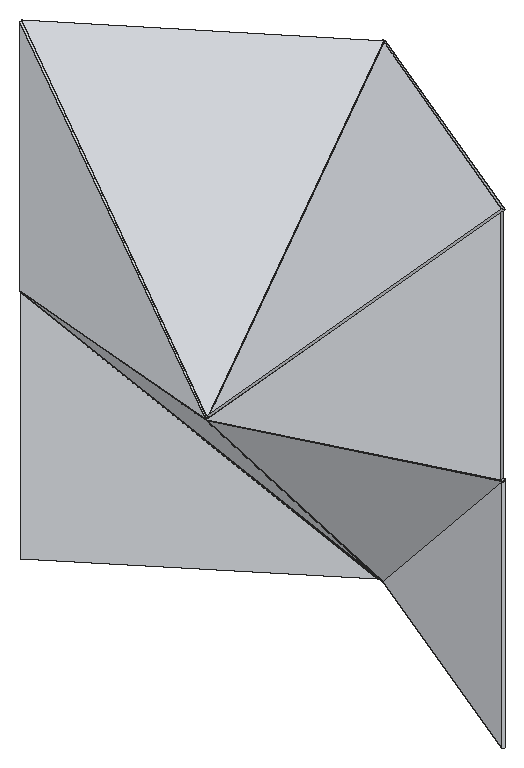
Revit family
Reference planes
  plane 1 "Centro (Fronte/Retro)": y = 0
  plane 2: z = 0
  plane 3 "Centro (Sinistra/Destra)": x = 0
  plane 4 "Sinistra": x = -1500
  plane 5 "Destra": x = 1500
  plane 6 "SUP": z = 3000
  plane 7: z = 1500
Forms (mm)
  Blend 1, void
    base sketch origin (0, 0, 0) x (1, 0, 0) y (0, 1, 0)
      loop
        line (-1500, -893.416) -> (1500, -893.416) -> (1500, 0) -> (0, 944.067) -> (-1500, 0) -> (-1500, -893.416)
    top sketch origin (0, 0, 0) x (1, 0, 0) y (0, 1, 0)
      loop
        line (-1500, -893.416) -> (1500, -893.416) -> (1500, 0) -> (0, -430.118) -> (-1500, 0) -> (-1500, -893.416)
    from 0 to 1500
  Blend 2, void
    base sketch origin (0, 0, 0) x (1, 0, 0) y (0, 1, 0)
      loop
        line (-1500, 0) -> (-1500, -893.416) -> (1500, -893.416) -> (1500, 0) -> (0, -430.118) -> (-1500, 0)
    top sketch origin (0, 0, 0) x (1, 0, 0) y (0, 1, 0)
      loop
        line (0, 944.067) -> (-1500, 0) -> (-1500, -893.416) -> (1500, -893.416) -> (1500, 0) -> (0, 944.067)
    from 1500 to 3000
  Extrusion 3, solid
    sketch origin (750, 472.034, 0) x (0, 0, 1) y (-0.846329, 0.532661, 0)
      loop
        line (1500, -886.18) -> (0, 886.18) -> (0, -886.18) -> (1500, -886.18)
    from 0 to 15
  Extrusion 4, solid
    sketch origin (0, 944.067, 0) x (0.182168, -0.635294, 0.750477) y (-0.961262, -0.275637, 0)
      loop
        line (1998.728, -1181.672) -> (1998.728, 378.777) -> (0, 0) -> (1998.728, -1181.672)
    from 0 to 15
  Extrusion 5, solid
    sketch origin (0, 944.067, 0) x (-0.182168, -0.635294, 0.750477) y (-0.961262, 0.275637, 0)
      loop
        line (1998.728, -378.777) -> (1998.728, 1181.672) -> (0, 0) -> (1998.728, -378.777)
    from 0 to 15
  Extrusion 6, solid
    sketch origin (-750, 472.034, 0) x (0, 0, 1) y (-0.846329, -0.532661, 0)
      loop
        line (1490.087, 894.57) -> (10.087, 894.57) -> (10.087, -854.159) -> (1490.087, 894.57)
    from 0 to 15
  Extrusion 7, solid
    sketch origin (750, -215.059, 1500) x (0, 0, 1) y (-0.961262, -0.275637, 0)
      loop
        line (0, -769.045) -> (1489.253, -769.045) -> (0, 780.225) -> (0, -769.045)
    from 0 to 15
  Extrusion 8, solid
    sketch origin (0, -430.118, 1500) x (0.326383, 0.51858, 0.790284) y (-0.846329, 0.532661, 0)
      loop
        line (1898.051, 731.975) -> (0, 0) -> (1898.051, -1040.386) -> (1898.051, 731.975)
    from 0 to 15
  Extrusion 9, solid
    sketch origin (0, -430.118, 1500) x (-0.326383, 0.51858, 0.790284) y (-0.846329, -0.532661, 0)
      loop
        line (1898.051, 1040.386) -> (0, 0) -> (1898.051, -731.975) -> (1898.051, 1040.386)
    from 0 to 15
  Extrusion 10, solid
    sketch origin (-750, -215.059, 1500) x (0, 0, 1) y (-0.961262, 0.275637, 0)
      loop
        line (0, -780.225) -> (1500, 780.225) -> (0, 780.225) -> (0, -780.225)
    from 0 to 15
Text (mm)
  text "Esterno" at (-2351.972, 1416.179, 0), in view "Livello rif."
  text "Esterno" at (0, 2290.741, 4406.713), in view "Sinistra"
  text "Esterno" at (0, 1328.187, 4120.349), in view "Destra"
Dimensions and locks
  equal spacing: plane 4 "Sinistra", plane 3 "Centro (Sinistra/Destra)", plane 5 "Destra"
  aligned and locked: plane 7 to Blend 1
  aligned and locked: Blend 2 to plane 7
  aligned and locked: Blend 2 to plane 6 "SUP"
  aligned and locked: Extrusion 3 sketch curve to Blend 1  (x2)
  aligned and locked: Blend 1 to Extrusion 3 sketch curve
  aligned and locked: Extrusion 4 sketch curve to Blend 1  (x2)
  aligned and locked: Extrusion 5 sketch curve to Blend 1  (x3)
  aligned and locked: Extrusion 6 sketch curve to Extrusion 5
  aligned and locked: Extrusion 7 sketch curve to Extrusion 3  (x2)
  aligned and locked: Extrusion 8 sketch curve to Blend 2  (x3)
  aligned and locked: Extrusion 9 sketch curve to Blend 2  (x3)
  aligned and locked: Extrusion 10 sketch curve to Blend 2  (x2)
Automatic sketch dimensions
  Blend 1 sketch curve to plane 1 "Centro (Fronte/Retro)" = 0 mm  (x4)
  Blend 1 sketch curve to plane 4 "Sinistra" = 0 mm  (x2)
  Blend 1 sketch curve to plane 3 "Centro (Sinistra/Destra)" = 0 mm  (x2)
  Blend 1 sketch curve to plane 5 "Destra" = 0 mm  (x2)
  Blend 1 sketch curve to Blend 1 sketch curve = 893.416 mm  (x2)
  Blend 1 sketch curve to plane 1 "Centro (Fronte/Retro)" = 944.067 mm
  plane 1 "Centro (Fronte/Retro)" to Blend 1 sketch curve = 430.118 mm
  Blend 2 sketch curve to plane 1 "Centro (Fronte/Retro)" = 0 mm  (x4)
  Blend 2 sketch curve to plane 4 "Sinistra" = 0 mm  (x2)
  Blend 2 sketch curve to plane 3 "Centro (Sinistra/Destra)" = 0 mm  (x2)
  Blend 2 sketch curve to plane 5 "Destra" = 0 mm  (x2)
  plane 1 "Centro (Fronte/Retro)" to Blend 2 sketch curve = 430.118 mm
  plane 1 "Centro (Fronte/Retro)" to Blend 2 sketch curve = 893.416 mm  (x2)
  Blend 2 sketch curve to plane 1 "Centro (Fronte/Retro)" = 944.067 mm
  Extrusion 4 sketch curve to Blend 1 = 0 mm
  Blend 1 to Extrusion 6 sketch curve = 10.087 mm
  Extrusion 6 sketch curve to Blend 1 = 8.39 mm
  Extrusion 7 sketch curve to Blend 2 = 0 mm  (x2)
